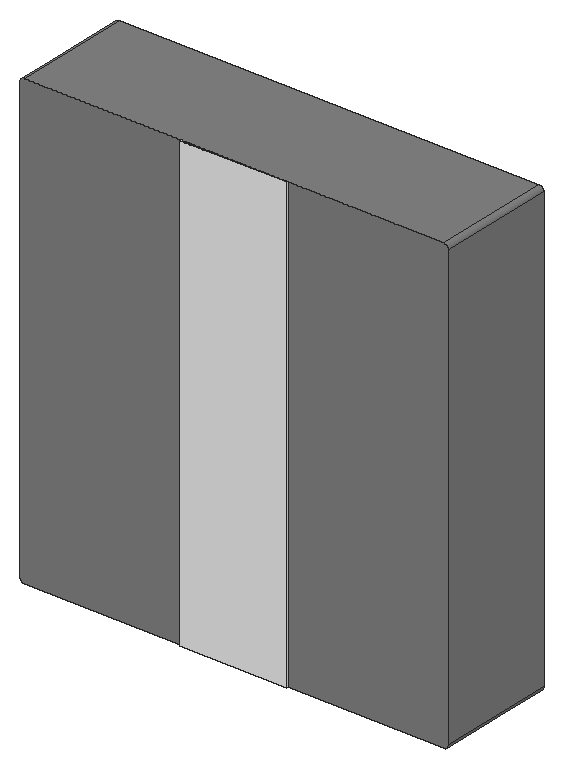
Revit family "Evoflat WSS_RFA_1", category Mechanical Equipment, Revit 2019
Family settings
  Round Connector Dimension = Use Diameter
  Classification = None
  Part Type = Normal
  OmniClass Number = 23.75.65.11.11
  OmniClass Title = Heating Controllers
  Work Plane-Based = No
  Always vertical = Yes
  Cut with Voids When Loaded = No
  Shared = No
  Room Calculation Point = No
Parameters (values of type "Evoflat WSS_Type 1_Cu_Ins_145G0190")
  With Front Insulation = yes
  Weight = 8.50 kg  # constant formula
  W1 = 44 mm  # constant formula
  W = 150 mm  # constant formula
  Voltage = 230 V  # constant formula
  URL = ""
  Type Image = <None>
  Type Comments = ""
  Top [instance] = if(or(Clearance Zone Visibility, Clearance Zone Top Visibility), 1 = 1, 1 = 0)  # no
  Right [instance] = if(or(Clearance Zone Visibility, Clearance Zone Right Visibility), 1 = 1, 1 = 0)  # no
  Pressure Drop (DHW) [instance] = 0.0 Pa
  Pressure Drop (DH) [instance] = 0.0 Pa
  Pressure Drop (DCW) [instance] = 0.0 Pa
  Nut size = 30 mm  # constant formula
  Nominal Pressure = "PN 10"  # constant formula
  Model Type = "Evoflat WSS_Type 1_Cu_Ins"
  Model = "145G0190"
  Manufacturer = "Danfoss"  # constant formula
  Left [instance] = if(or(Clearance Zone Visibility, Clearance Zone Left Visibility), 1 = 1, 1 = 0)  # no
  LOD 350 = not(LOD 200)  # yes
  LOD 200 = no
  L1a = 43 mm  # constant formula
  L1 = 112 mm  # constant formula
  L = 545 mm  # constant formula
  Insulation Material = Danfoss EPP insulation
  IfcExportType = "EvoFlat WSS"  # constant formula
  IfcExportAs = "IfcFlowController"  # constant formula
  HEX material = Danfoss Copper
  H3 = 575 mm  # constant formula
  H2 = 13 mm  # constant formula
  H1 = 5 mm  # constant formula
  H = H3 + H2  # 588 mm
  Front Insulation = if(and(With Front Insulation, LOD 350), 1 = 1, 1 = 0)  # yes
  Front [instance] = if(or(Clearance Zone Visibility, Clearance Zone Front Visibility), 1 = 1, 1 = 0)  # no
  Flow (DHW) [instance] = 0.0 L/s
  Flow (DH) [instance] = 0.0 L/s
  Flow (DCW) [instance] = 0.0 L/s
  Description = "Flat Station"  # constant formula
  DHW capacity = 43 kW
  DHW Temperature DHS/DHR = "65/22 °C"
  DHW Tap Load 50°C = "15.3 l/min"
  DHW Pressure Loss Primary = "40 kPa"
  DHW Flow Rate Primary = "850 l/h"
  D = 20 mm  # constant formula
  Connection = "G 3/4 Internal Thread"  # constant formula
  Clearance Zone Visibility [instance] = no
  Clearance Zone Top Visibility [instance] = no
  Clearance Zone Top [instance] = 25 mm  # constant formula
  Clearance Zone Right Visibility [instance] = no
  Clearance Zone Right [instance] = 50 mm  # constant formula
  Clearance Zone Left Visibility [instance] = no
  Clearance Zone Left [instance] = 50 mm  # constant formula
  Clearance Zone Front Visibility [instance] = no
  Clearance Zone Front [instance] = 150 mm  # constant formula
  Clearance Zone Bottom Visibility [instance] = no
  Clearance Zone Bottom [instance] = 25 mm  # constant formula
  Bottom [instance] = if(or(Clearance Zone Visibility, Clearance Zone Bottom Visibility), 1 = 1, 1 = 0)  # no
  Assembly Code = ""
Types (6, lengths in mm): name | Model Type | Model | HEX material | DHW capacity | DHW Temperature DHS/DHR | DHW Tap Load 50°C | DHW Pressure Loss Primary | DHW Flow Rate Primary
  Evoflat WSS_Type 1_Cu_Ins_145G0190 | "Evoflat WSS_Type 1_Cu_Ins" | "145G0190" | Danfoss Copper | 43 kW | "65/22 °C" | "15.3 l/min" | "40 kPa" | "850 l/h"
  Evoflat WSS_Type 2_Cu_Ins_145G0191 | "Evoflat WSS_Type 2_Cu_Ins" | "145G0191" | Danfoss Copper | 49 kW | "65/21 °C" | "17.5 l/min" | "30 kPa" | "950 l/h"
  Evoflat WSS_Type 3_Cu_Ins_145G0192 | "Evoflat WSS_Type 3_Cu_Ins" | "145G0192" | Danfoss Copper | 55 kW | "65/16 °C" | "19.4 l/min" | "27 kPa" | "950 l/h"
  Evoflat WSS_Type 1_StS_Ins_145G0219 | "Evoflat WSS_Type 1_StS_Ins" | "145G0219" | Danfoss Stainless Steel | 43 kW | "65/22 °C" | "15.3 l/min" | "40 kPa" | "850 l/h"
  Evoflat WSS_Type 2_StS_Ins_145G0220 | "Evoflat WSS_Type 2_StS_Ins" | "145G0220" | Danfoss Stainless Steel | 49 kW | "65/21 °C" | "17.5 l/min" | "30 kPa" | "950 l/h"
  Evoflat WSS_Type 3_StS_Ins_145G0221 | "Evoflat WSS_Type 3_StS_Ins" | "145G0221" | Danfoss Stainless Steel | 55 kW | "65/16 °C" | "19.4 l/min" | "27 kPa" | "950 l/h"
Reference planes
  plane 1 "Center (Front/Back)": y = 0
  plane 2: z = 0
  plane 3 "Center (Left/Right)": x = 0
  plane 4: y = -44
  plane 5: x = -272.5
  plane 6: x = 272.5
  plane 7: z = 575
  plane 8: y = -150
  plane 9: z = 5
  plane 10: z = -13
  plane 11: x = -160.5
  plane 12: x = 229.5
  plane 13: y = -41.5
Forms (mm)
  Extrusion 1, solid, material "Danfoss EPP insulation", visible <- "LOD 200"
    sketch origin (0, 0, 0) x (1, 0, 0) y (0, 0, 1)
      loop
        line (-272.5, 575) -> (-272.5, 0) -> (272.5, 0) -> (272.5, 575) -> (-272.5, 575)
    from 0 to 150 <- "W"
  Extrusion 2, solid, material "Danfoss Brass"
    sketch origin (8.5, 0, -5) x (1, 0, 0) y (0, 1, 0)
      loop
        line (-169, -26.679) -> (-184, -35.34) -> (-184, -52.66) -> (-169, -61.321) -> (-154, -52.66) -> (-154, -35.34) -> (-169, -26.679)
    from -8 to 10
  Extrusion 3, solid, visible <- "Front"
    sketch origin (15, -150, 238.394) x (1, 0, 0) y (0, 0, 1)
      loop
        line (-287.5, 336.606) -> (-287.5, -238.394) -> (257.5, -238.394) -> (257.5, 336.606) -> (-287.5, 336.606)
    from 150 <- "Clearance Zone Front" to 0
  Extrusion 4, solid, visible <- "Right"
    sketch origin (0, 0, 0) x (1, 0, 0) y (0, 0, 1)
      loop
        line (272.5, 575) -> (272.5, 0) -> (322.5, 0) -> (322.5, 575) -> (272.5, 575)
    from 150 <- "W" to 0
  Extrusion 5, solid, visible <- "Left"
    sketch origin (0, 0, 0) x (1, 0, 0) y (0, 0, 1)
      loop
        line (-272.5, 575) -> (-322.5, 575) -> (-322.5, 0) -> (-272.5, 0) -> (-272.5, 575)
    from 150 <- "W" to 0
  Extrusion 6, solid, visible <- "Top"
    sketch origin (0, 0, 0) x (1, 0, 0) y (0, 0, 1)
      loop
        line (-272.5, 575) -> (272.5, 575) -> (272.5, 600) -> (-272.5, 600) -> (-272.5, 575)
    from 150 <- "W" to 0
  Extrusion 7, solid, visible <- "Bottom"
    sketch origin (0, 0, 0) x (1, 0, 0) y (0, 0, 1)
      loop
        line (-272.5, 0) -> (-272.5, -25) -> (272.5, -25) -> (272.5, 0) -> (-272.5, 0)
    from 150 <- "W" to 0
  Extrusion 8, solid, material "Danfoss Brass"
    sketch origin (72.083, 0, -5) x (1, 0, 0) y (0, 1, 0)
      loop
        line (-169, -26.679) -> (-184, -35.34) -> (-184, -52.66) -> (-169, -61.321) -> (-154, -52.66) -> (-154, -35.34) -> (-169, -26.679)
    from -8 to 10
  Extrusion 9, solid, material "Danfoss Brass"
    sketch origin (135.667, 0, -5) x (1, 0, 0) y (0, 1, 0)
      loop
        line (-169, -26.679) -> (-184, -35.34) -> (-184, -52.66) -> (-169, -61.321) -> (-154, -52.66) -> (-154, -35.34) -> (-169, -26.679)
    from -8 to 10
  Extrusion 10, solid, material "Danfoss Brass"
    sketch origin (199.25, 0, -5) x (1, 0, 0) y (0, 1, 0)
      loop
        line (-169, -26.679) -> (-184, -35.34) -> (-184, -52.66) -> (-169, -61.321) -> (-154, -52.66) -> (-154, -35.34) -> (-169, -26.679)
    from -8 to 10
  Extrusion 11, solid, material "Danfoss Brass"
    sketch origin (262.833, 0, -5) x (1, 0, 0) y (0, 1, 0)
      loop
        line (-169, -26.679) -> (-184, -35.34) -> (-184, -52.66) -> (-169, -61.321) -> (-154, -52.66) -> (-154, -35.34) -> (-169, -26.679)
    from -8 to 10
  Extrusion 12, solid, material "Danfoss EPP insulation" <- "Insulation Material", visible <- "LOD 350"
    sketch origin (0, 0, 0) x (1, 0, 0) y (0, 0, 1)
      loop
        arc (-266.5, 575) -> (-270.743, 573.243) -> (-272.5, 569) r 6
        line (-272.5, 569) -> (-272.5, 6)
        arc (-272.5, 6) -> (-270.743, 1.757) -> (-266.5, 0) r 6
        line (-266.5, 0) -> (266.5, 0)
        arc (266.5, 0) -> (270.743, 1.757) -> (272.5, 6) r 6
        line (272.5, 6) -> (272.5, 569)
        arc (272.5, 569) -> (270.743, 573.243) -> (266.5, 575) r 6
        line (266.5, 575) -> (-266.5, 575)
    from 150 to 0
  Extrusion 13, void
    sketch origin (0, 0, 0) x (1, 0, 0) y (0, 0, 1)
      loop
        line (-67.5, 0) -> (67.5, 0) -> (67.5, 575) -> (-67.5, 575) -> (-67.5, 0)
    from 150 to 152
  Extrusion 14, solid, material "Danfoss Plastic White", visible <- "Front Insulation"
    sketch origin (0, 0, 0) x (1, 0, 0) y (0, 0, 1)
      loop
        line (-67.5, 575) -> (-67.5, 0) -> (67.5, 0) -> (67.5, 575) -> (-67.5, 575)
    from 152 to 150
Cuts and joins
  Extrusion 13 cuts Extrusion 3
  Extrusion 13 cuts Extrusion 12
Dimensions and locks
  "Clearance Zone Right": Extrusion 4 sketch curve to Extrusion 3
  "Clearance Zone Left": Extrusion 5 sketch curve to Extrusion 3
  "H3": plane 7 to plane 2
  equal spacing: plane 6, plane 3 "Center (Left/Right)", plane 5
  "L": plane 6 to plane 5
  "W": plane 8 to plane 1 "Center (Front/Back)"
  "H1": plane 9 to level
  "H2": plane 2 to plane 10
  "W1": plane 4 to plane 1 "Center (Front/Back)"
  "L1": plane 5 to plane 11
  "Nut size": Extrusion 2 sketch curve to Extrusion 2 sketch curve  (x3)
  "L1a": plane 12 to plane 6
  "Nut size": Extrusion 8 sketch curve to Extrusion 8 sketch curve  (x3)
  "Nut size": Extrusion 9 sketch curve to Extrusion 9 sketch curve  (x3)
  "Nut size": Extrusion 10 sketch curve to Extrusion 10 sketch curve  (x3)
  "Nut size": Extrusion 11 sketch curve to Extrusion 11 sketch curve  (x3)
  locked: plane 13 to plane 1 "Center (Front/Back)" at 41.5
  level to Extrusion 12 = 575 mm
  equal spacing: Extrusion 13 sketch curve, plane 3 "Center (Left/Right)", Extrusion 13 sketch curve
  Extrusion 13 sketch curve to Extrusion 13 sketch curve = 135 mm
  "Clearance Zone Bottom": plane 2 to Extrusion 7 sketch curve
  "Clearance Zone Top": Extrusion 6 sketch curve to plane 7
  plane 11 to plane 3 "Center (Left/Right)" = 160.5 mm
  radius of Extrusion 12 sketch curve = 6 mm  (x4)
  angle Extrusion 2 sketch curve to Extrusion 2 sketch curve = 120.00°  (x3)
  angle Extrusion 8 sketch curve to Extrusion 8 sketch curve = 120.00°  (x3)
  angle Extrusion 9 sketch curve to Extrusion 9 sketch curve = 120.00°  (x3)
  angle Extrusion 10 sketch curve to Extrusion 10 sketch curve = 120.00°  (x3)
  angle Extrusion 11 sketch curve to Extrusion 11 sketch curve = 120.00°  (x3)
  aligned and locked: level to plane 2
  aligned and locked: Extrusion 3 sketch curve to Extrusion 1  (x2)
  aligned and locked: plane 2 to Extrusion 1 sketch curve
  aligned and locked: plane 5 to Extrusion 1 sketch curve
  aligned and locked: Extrusion 1 sketch curve to plane 6
  aligned and locked: plane 9 to Extrusion 2
  aligned and locked: Extrusion 2 to plane 10
  aligned and locked: plane 11 to Extrusion 2
  aligned and locked: Extrusion 12 sketch curve to plane 6
  aligned and locked: plane 8 to Extrusion 12
  aligned and locked: Extrusion 12 to plane 1 "Center (Front/Back)"
  aligned and locked: Extrusion 4 to Extrusion 13
  aligned and locked: Extrusion 3 sketch curve to plane 7
  aligned and locked: plane 2 to Extrusion 3 sketch curve
  aligned and locked: plane 2 to Extrusion 4 sketch curve
  aligned and locked: Extrusion 4 sketch curve to plane 7
  aligned and locked: plane 6 to Extrusion 4 sketch curve
  aligned and locked: Extrusion 5 sketch curve to plane 2
  aligned and locked: plane 7 to Extrusion 5 sketch curve
  aligned and locked: plane 5 to Extrusion 5 sketch curve
  aligned and locked: Extrusion 7 sketch curve to plane 2
  aligned and locked: plane 5 to Extrusion 7 sketch curve
  aligned and locked: Extrusion 7 sketch curve to plane 6
  aligned and locked: Extrusion 6 sketch curve to plane 7
  aligned and locked: Extrusion 6 sketch curve to plane 5
  aligned and locked: plane 6 to Extrusion 6 sketch curve
  aligned and locked: plane 7 to Extrusion 12
  aligned and locked: plane 7 to Extrusion 13
  aligned and locked: Extrusion 13 to level
  aligned and locked: plane 9 to Extrusion 8
  aligned and locked: Extrusion 12 to level
  aligned and locked: Extrusion 14 to Extrusion 1
  aligned and locked: Extrusion 14 to cut or joined group of Extrusion 3, Extrusion 13
  aligned and locked: plane 7 to Extrusion 1
Automatic sketch dimensions
  Extrusion 2 sketch curve to Extrusion 2 sketch curve = 15 mm
  Extrusion 8 sketch curve to Extrusion 8 sketch curve = 15 mm
  Extrusion 9 sketch curve to Extrusion 9 sketch curve = 15 mm
  Extrusion 10 sketch curve to Extrusion 10 sketch curve = 15 mm
  Extrusion 11 sketch curve to Extrusion 11 sketch curve = 15 mm
  Extrusion 12 sketch curve to plane 5 = 0 mm
  Extrusion 14 sketch curve to plane 3 "Center (Left/Right)" = 67.5 mm
  plane 3 "Center (Left/Right)" to Extrusion 14 sketch curve = 67.5 mm
  Extrusion 1 sketch curve to plane 7 = 0 mm
  Extrusion 12 sketch curve to plane 7 = 6 mm
  Extrusion 13 sketch curve to plane 7 = 0 mm
  Extrusion 14 sketch curve to plane 7 = 0 mm
  plane 9 to Extrusion 12 sketch curve = 1 mm
  Extrusion 13 sketch curve to plane 9 = 5 mm
  Extrusion 14 sketch curve to level = 0 mm
Connectors
  piping at (-160.5, -44, -13), diameter 20, driven by "D", driven by "Flow (DCW)"
    settings: on Extrusion 2, index 1, connector inside diameter 609.6 mm, connector length 0 mm, flow factor 0, pipe flow 0.0 L/s, pressure drop 0.0 Pa, fitting loss kfactor 0, connector angle 0.00°, fixture units 0, engagement length 0 mm, angle of deflection 0.00°, flow configuration 0, flow direction 1, fitting loss method 0, system type 20, joint type 0, gender type 0, connector reference index -1, connector utility 0, adjustable connector no, is connector primary yes, connector description ""
  piping at (-96.917, -44, -13), diameter 20, driven by "D", driven by "Flow (DHW)"
    settings: on Extrusion 8, index 2, connector inside diameter 609.6 mm, connector length 0 mm, flow factor 0, pipe flow 0.0 L/s, pressure drop 0.0 Pa, fitting loss kfactor 0, connector angle 0.00°, fixture units 0, engagement length 0 mm, angle of deflection 0.00°, flow configuration 0, flow direction 2, fitting loss method 0, system type 19, joint type 0, gender type 0, connector reference index -1, connector utility 0, adjustable connector no, is connector primary no, connector description ""
  piping at (-33.333, -44, -13), diameter 20, driven by "D", driven by "Flow (DCW)"
    settings: on Extrusion 9, index 3, connector inside diameter 609.6 mm, connector length 0 mm, flow factor 0, pipe flow 0.0 L/s, pressure drop 0.0 Pa, fitting loss kfactor 0, connector angle 0.00°, fixture units 0, engagement length 0 mm, angle of deflection 0.00°, flow configuration 0, flow direction 2, fitting loss method 0, system type 20, joint type 0, gender type 0, connector reference index -1, connector utility 0, adjustable connector no, is connector primary no, connector description ""
  piping at (30.25, -44, -13), diameter 20, driven by "D", driven by "Flow (DH)"
    settings: on Extrusion 10, index 4, connector inside diameter 609.6 mm, connector length 0 mm, flow factor 0, pipe flow 0.0 L/s, pressure drop 0.0 Pa, fitting loss kfactor 0, connector angle 0.00°, fixture units 0, engagement length 0 mm, angle of deflection 0.00°, flow configuration 0, flow direction 1, fitting loss method 0, system type 7, joint type 0, gender type 0, connector reference index -1, connector utility 0, adjustable connector no, is connector primary no, connector description ""
  piping at (93.833, -44, -13), diameter 20, driven by "D", driven by "Flow (DH)"
    settings: on Extrusion 11, index 5, connector inside diameter 609.6 mm, connector length 0 mm, flow factor 0, pipe flow 0.0 L/s, pressure drop 0.0 Pa, fitting loss kfactor 0, connector angle 0.00°, fixture units 0, engagement length 0 mm, angle of deflection 0.00°, flow configuration 0, flow direction 2, fitting loss method 0, system type 8, joint type 0, gender type 0, connector reference index -1, connector utility 0, adjustable connector no, is connector primary no, connector description ""
